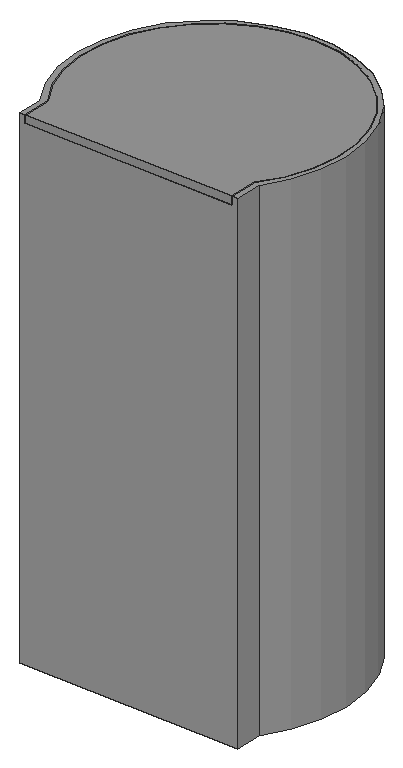
Revit family "3056 Björk Soap dispenser", category Furniture Systems, host Wall, Revit 2017
Family settings
  Host = Wall
  Round Connector Dimension = Use Diameter
  Part Type = Normal
  Always vertical = Yes
  Cut with Voids When Loaded = No
  Shared = No
  Room Calculation Point = No
Parameters (values of type "OSLO")
  URL = "http://www.dandryer.com/en-gb/products/-soapdispensers/3056-bjork--matt-black--liquid-soap-disinfectant"
  Type Image = <None>
  Surface Top = OSLO
  Surface Front = Mat Sort
  Model = "Björk-3056"
  Manufacturer = "Dan Dryer"
  Description = "Touch-free Soap dispenser"
  Cost = 0
Types (6, lengths in mm): name | URL | Surface Top
  BIRK | "http://www.dandryer.dk/da-dk/produkter/produktserie-%E2%80%93-bjork/3056-bjork-dispenser-flydende-saebe-desinfektion--mat-sort" | BIRK
  GEO WHITE | "http://www.dandryer.dk/da-dk/produkter/produktserie-%E2%80%93-bjork/3056-bjork-dispenser-flydende-saebe-desinfektion--mat-sort" | GEO WHITE
  GRIGIO LONDRA | "http://www.dandryer.dk/da-dk/produkter/produktserie-%E2%80%93-bjork/3056-bjork-dispenser-flydende-saebe-desinfektion--mat-sort" | GRIGIO LONDRA
  NEGRO INGO | "http://www.dandryer.dk/da-dk/produkter/produktserie-%E2%80%93-bjork/3056-bjork-dispenser-flydende-saebe-desinfektion--mat-sort" | NEGRO INGO
  OSLO | "http://www.dandryer.com/en-gb/products/-soapdispensers/3056-bjork--matt-black--liquid-soap-disinfectant" | OSLO
  BIANCO MALE | "http://www.dandryer.dk/da-dk/produkter/produktserie-%E2%80%93-bjork/3056-bjork-dispenser-flydende-saebe-desinfektion--mat-sort" | BIANCO MALE
Reference planes
  plane 1 "Wall": y = 0
  plane 2 "Center (Left/Right)": x = 125
  plane 3 "Back": y = 75
Forms (mm)
  Extrusion 1, solid, material "Blank Hvid", not visible
    sketch origin (0, 0, 0) x (1, 0, 0) y (0, 1, 0)
      loop
        arc (42.212, 95.366) -> (42.426, 94.946) -> (42.5, 94.481) r 1.5
        line (42.5, 94.481) -> (42.5, 75.3) -> (43.7, 75.3) -> (43.7, 94.481)
        arc (43.7, 94.481) -> (43.567, 95.318) -> (43.181, 96.073) r 2.7
        arc (43.181, 96.073) -> (125, 257.1) -> (206.819, 96.073) r 101.3
        arc (206.819, 96.073) -> (206.433, 95.318) -> (206.3, 94.481) r 2.7
        line (206.3, 94.481) -> (206.3, 75.3) -> (207.5, 75.3) -> (207.5, 94.481)
        arc (207.5, 94.481) -> (207.574, 94.946) -> (207.788, 95.366) r 1.5
        arc (207.788, 95.366) -> (125, 258.3) -> (42.212, 95.366) r 102.5
    from 900 to 1230
  Extrusion 2, void, not visible
    sketch origin (207.5, 94.481, 0) x (0, 1, 0) y (0, 0, -1)
      loop
        line (-19.181, -1225) -> (-19.181, -1230) -> (6.154, -1230)
        arc (6.154, -1230) -> (3.068, -1228.36) -> (2.105, -1225) r 4.47
        line (2.105, -1225) -> (-19.181, -1225)
    from -10.952 to 170.161
  Extrusion 3, void, not visible
    sketch origin (207.5, 94.481, 2130) x (0, 1, 0) y (0, 0, -1)
      loop
        line (-19.181, 1225) -> (2.105, 1225)
        arc (2.105, 1225) -> (3.068, 1228.36) -> (6.154, 1230) r 4.47
        line (6.154, 1230) -> (-19.181, 1230) -> (-19.181, 1225)
    from -6 to 179.451
  Extrusion 4, solid, not visible
    sketch origin (207.5, 75.3, 907) x (0, 1, 0) y (-1, 0, 0)
      loop
        line (0, 163.8) -> (0, 1.2) -> (19.181, 1.2)
        arc (19.181, 1.2) -> (20.018, 1.067) -> (20.773, 0.681) r 2.7
        arc (20.773, 0.681) -> (181.8, 82.5) -> (20.773, 164.319) r 101.3
        arc (20.773, 164.319) -> (20.018, 163.933) -> (19.181, 163.8) r 2.7
        line (19.181, 163.8) -> (0, 163.8)
    from 0 to -2
  Extrusion 5, void, not visible
    sketch origin (206.3, 75.3, 0) x (-1, 0, 0) y (0, 0, 1)
      loop
        arc (83.312, 976) -> (81.303, 978.014) -> (79.288, 976) r 2.012
        line (79.288, 976) -> (79.285, 930)
        arc (79.285, 930) -> (81.297, 927.986) -> (83.312, 930) r 2.012
        line (83.312, 930) -> (83.312, 976)
    from 174.915 to 189.234
  Extrusion 6, solid, not visible
    sketch origin (206.3, 75.3, 0) x (1, 0, 0) y (0, 0, 1)
      loop
        line (-83.312, 975.984) -> (-83.312, 930)
        arc (-83.312, 930) -> (-81.291, 928.118) -> (-79.287, 930.016) r 2.015
        line (-79.287, 930.016) -> (-79.288, 976)
        arc (-79.288, 976) -> (-81.309, 977.882) -> (-83.312, 975.984) r 2.015
    from -182.98 to -174.915
  Extrusion 7, solid, material "Mat Sort", not visible
    sketch origin (0, 0, 0) x (1, 0, 0) y (0, 1, 0)
      loop
        arc (42.212, 95.366) -> (42.426, 94.946) -> (42.5, 94.481) r 1.5
        line (42.5, 94.481) -> (42.5, 75.3) -> (43.7, 75.3) -> (43.7, 94.481)
        arc (43.7, 94.481) -> (43.567, 95.318) -> (43.181, 96.073) r 2.7
        arc (43.181, 96.073) -> (125, 257.1) -> (206.819, 96.073) r 101.3
        arc (206.819, 96.073) -> (206.433, 95.318) -> (206.3, 94.481) r 2.7
        line (206.3, 94.481) -> (206.3, 75.3) -> (207.5, 75.3) -> (207.5, 94.481)
        arc (207.5, 94.481) -> (207.574, 94.946) -> (207.788, 95.366) r 1.5
        arc (207.788, 95.366) -> (125, 258.3) -> (42.212, 95.366) r 102.5
    from 900 to 1230
Text (mm)
  text "Placement Side" at (-1848.837, 1116.779, 0), in view "Ref. Level"
  text "Placement side" at (0, 1409.804, 2854.306), in view "Left"
  text "Placement side" at (0, 499.811, 2980.732), in view "Right"
Dimensions and locks
  locked: plane 3 "Back" to host wall
  aligned and locked: plane 1 "Wall" to host wall
  aligned and locked: plane 3 "Back" to nested 1  (x2)
Nested families
  nested 1: "Master Soap dispenser" at (125, 75, 1100), type "Master Soap dispenser"
Definition of nested family "Master Soap dispenser"
  Parameters (values of type "Master Soap dispenser")
    Surface Top = none
    Surface Front = none
  Reference planes
    plane 1 "Center (Front/Back)": y = 0
    plane 2: z = 0
    plane 3 "Center (Left/Right)": x = 0
  Forms (mm)
    Extrusion 1, solid, material <- "Surface Front"
      sketch origin (0, 0, 0) x (1, 0, 0) y (0, 1, 0)
        loop
          line (-72.636, 16.842) -> (-72.636, 0) -> (73.262, 0) -> (73.262, 17.709)
          arc (73.262, 17.709) -> (-0.534, 159.71) -> (-72.636, 16.842) r 89.899
      from 0 to 330
    Extrusion 2, solid, material <- "Surface Top"
      sketch origin (0, 0, 330) x (1, 0, 0) y (0, 1, 0)
        loop
          arc (69.262, 19.017) -> (0, 156.8) -> (-69.261, 19.017) r 86.3
          line (-69.261, 19.017) -> (-69.261, 0) -> (69.262, 0) -> (69.262, 19.017)
      from 0 to -5
    Extrusion 3, void
      sketch origin (0, 0, 0) x (1, 0, 0) y (0, 1, 0)
        loop
          line (-69.261, 0) -> (69.262, 0) -> (69.262, 19.017)
          arc (69.262, 19.017) -> (0, 156.8) -> (-69.261, 19.017) r 86.3
          line (-69.261, 19.017) -> (-69.261, 0)
      from 325 to 330
  Cuts and joins
    Extrusion 3 cuts Extrusion 1
  Dimensions and locks
    aligned and locked: level to plane 2
